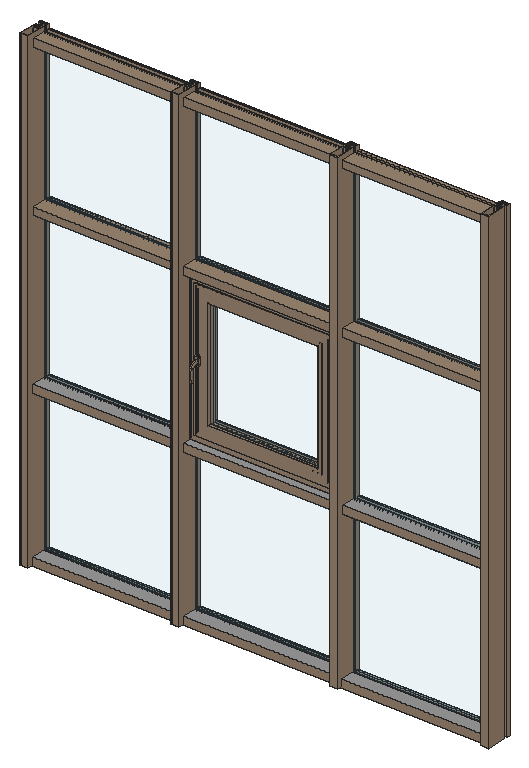
Revit family "2_Витраж со встраиваемым окном_F50", category Двери, Revit 2019
Family settings
  Основа = Стена
  Номер OmniClass = 23.30.20.17.11
  Заголовок OmniClass = Fixed Windows
  Всегда вертикально = Да
  При загрузке вырезать с полостями = Нет
  Общий = Нет
  Точка расчета площади = Нет
Parameters (values of type "Стоечно-ригельная F50")
  Ширина прав. [instance] = 974.998 mm
  Ширина лев. = 975.00 mm
  Width [instance] = 0.00 mm  # constant formula
  Монтажный зазор.Верх [instance] = 25.00 mm
  Высота окна = 1000.00 mm
  Высота нижней секции = 1000.00 mm
  Высота верхней секции = 943.833 mm
  VIDNAL_Ширина створки = 1000.00 mm
  VIDNAL_Ширина проема [instance] = 3000.00 mm
  VIDNAL_Цвет конструкции = ""
  VIDNAL_Фурнитура [instance] = ""
  VIDNAL_Формула стеклопакета [instance] = ""
  VIDNAL_Толщина стеклопакета [instance] = "24"  # constant formula
  VIDNAL_Сопротивление ветровой нагрузке = ""
  VIDNAL_Система профилей [instance] = "F50"  # constant formula
  VIDNAL_Площадь изделия [instance] = VIDNAL_Высота проема * VIDNAL_Ширина проема  # 9.00 m²
  VIDNAL_Звукоизоляция [instance] = ""
  VIDNAL_Глубина вставки [instance] = 200.00 mm
  VIDNAL_Высота проема [instance] = 3000.00 mm
  Rough Width = 0.00 mm  # constant formula
  Rough Height = 0.00 mm  # constant formula
  Описание = "Окно"
  Обозначение = "ГОСТ 23747-2015"
  Наименование = ""
  Монтажный зазор.Правый [instance] = 25.00 mm
  Монтажный зазор.Левый [instance] = 25.002 mm
  Марка проема [instance] = ""
  Model = ""
  Стекло = АС_Стекло
  Рама = Aluminum
  Type Comments = ""
  Assembly Code = ""
  Wall Closure = (empty or 0)
  Height [instance] = 0.00 mm  # constant formula
  Аналитическая конструкция = "<Нет>"
  VIDNAL_Возухопроницаемость [instance] = ""
  VIDNAL_Водонепроницаемость [instance] = ""
  VIDNAL_Rприв. профиля со стеклопакетом [instance] = ""
  ADSK_Позиция [instance] = ""
  ADSK_Завод-изготовитель [instance] = "VIDNAL"  # constant formula
Reference planes
  plane 1 "Глубина профиля": y = -152.984
  plane 2: z = 0
  plane 3 "Слева": x = -1260.6
  plane 4 "Справа": x = 1739.4
  plane 5 "низ рамы": z = 0
  plane 6 "ВЕРХ": z = 3000
  plane 7 "Внутренняя": y = -187
  plane 8 "рама верх": z = 1989.5
  plane 9 "стойка1": x = -1235.598
  plane 10 "стойка2": x = -260.598
  plane 11 "стойка3": x = 739.402
  plane 12 "стойка4": x = 1714.4
  plane 13 "Вставка витража": y = 13
  plane 14 "стекло2": x = -272.598
  plane 15 "верх ригеля": z = 2975
  plane 16 "стекло3": x = -1198.598
  plane 17 "стекло верх": z = 2935.5
  plane 18 "ригель2": z = 2000
  plane 19 "стекло сред": z = 2012
  plane 20 "стекло прав": x = 751.402
  plane 21 "стекло прав2": x = 1676.9
  plane 22 "стекло низ": z = 37
  plane 23 "стекло сред2": z = 1010.5
  plane 24 "стекло сред3": z = 988
  plane 25 "ригель 3": z = 1000
  plane 26 "Импост": y = -5
  plane 27 "ось ригеля": z = 25
  plane 28 "Ось ригеля": z = 2950
  plane 29: x = -250.098
  plane 30: x = 728.902
Forms (mm)
  Extrusion 1, void, detail levels medium+fine
    sketch origin (0, 38, 0) x (0, 0, 1) y (-1, 0, 0)
      loop
        line (3000, -1739.4) -> (3000, 1260.6) -> (0, 1260.6) -> (0, -1739.4) -> (3000, -1739.4)
    from -155 to 225
  Sweep 2, solid, material "Aluminum" <- "Рама"
    path origin (0, 13, 0) x (0, 0, -1) y (-1, 0, 0)
      loop
        line (0, 1235.598) -> (-3000, 1235.598)
    profile "Стойка_110_F50 : Стойка_110_F50" origin (-1235.598, 13, 1500) x (1, 0, 0) y (0, 1, 0)
      loop
        line (47.802, -65.689) -> (2.202, -65.689) -> (2.202, -159.701) -> (47.802, -159.701) -> (47.802, -65.689)
      loop
        line (27, -22.742) -> (27, -17) -> (23.003, -17) -> (23.003, -22.742) -> (27, -22.742)
      loop
        line (27.002, -33.984) -> (27.002, -24.129) -> (23.002, -24.129) -> (23.002, -33.984) -> (27.002, -33.984)
      loop
        line (27.002, -54.258) -> (27.002, -35.261) -> (23.002, -35.261) -> (23.002, -54.258) -> (27.002, -54.258)
      loop
        line (28.302, -63.458) -> (28.302, -55.984) -> (21.702, -55.984) -> (21.702, -63.458) -> (28.302, -63.458)
      loop
        line (2.15, -12) -> (2.15, -15) -> (11.1, -15) -> (11.1, -12) -> (2.15, -12)
      loop
        line (38.9, -12) -> (38.9, -15) -> (47.85, -15) -> (47.85, -12) -> (38.9, -12)
      loop
        line (36.9, -13) -> (36.9, -10) -> (45.838, -10) -> (45.838, -7) -> (49, -7) -> (49, -1.4) -> (1, -1.4) -> (1, -7) -> (4.181, -7) -> (4.181, -10) -> (13.1, -10) -> (13.1, -13) -> (36.9, -13)
      loop
        line (50, 0) -> (0, 0) -> (0, -17.984) -> (12.999, -17.984) -> (12.999, -16.984) -> (14.683, -16.984) -> (14.683, -15) -> (20, -15) -> (20, -63.484) -> (2.202, -63.484) -> (2.202, -58.984) -> (9.709, -58.984) -> (11.764, -56.825) -> (11.764, -53.006) -> (12.992, -53.006) -> (12.992, -41.959) -> (0.002, -41.959) -> (0.002, -53.006) -> (0.002, -162.984) -> (49.952, -162.984) -> (49.952, -53.065) -> (49.952, -41.967) -> (37.007, -41.967) -> (37.007, -53.065) -> (38.202, -53.065) -> (38.202, -56.832) -> (40.295, -58.984) -> (47.802, -58.984) -> (47.802, -63.458) -> (30, -63.458) -> (30, -15) -> (35.317, -15) -> (35.317, -16.99) -> (37.002, -16.99) -> (37.002, -18) -> (50, -18) -> (50, 0)
  Sweep 3, solid, material "Aluminum" <- "Рама"
    path origin (0, 13, 0) x (0, 0, -1) y (-1, 0, 0)
      loop
        line (0, 260.598) -> (-3000, 260.598)
    profile "Стойка_110_F50 : Стойка_110_F50" origin (-260.598, 13, 1500) x (1, 0, 0) y (0, 1, 0)
      loop
        line (22.802, -65.689) -> (-22.798, -65.689) -> (-22.798, -159.701) -> (22.802, -159.701) -> (22.802, -65.689)
      loop
        line (2, -22.742) -> (2, -17) -> (-1.997, -17) -> (-1.997, -22.742) -> (2, -22.742)
      loop
        line (2.002, -33.984) -> (2.002, -24.129) -> (-1.998, -24.129) -> (-1.998, -33.984) -> (2.002, -33.984)
      loop
        line (2.002, -54.258) -> (2.002, -35.261) -> (-1.998, -35.261) -> (-1.998, -54.258) -> (2.002, -54.258)
      loop
        line (3.302, -63.458) -> (3.302, -55.984) -> (-3.298, -55.984) -> (-3.298, -63.458) -> (3.302, -63.458)
      loop
        line (-22.85, -12) -> (-22.85, -15) -> (-13.9, -15) -> (-13.9, -12) -> (-22.85, -12)
      loop
        line (13.9, -12) -> (13.9, -15) -> (22.85, -15) -> (22.85, -12) -> (13.9, -12)
      loop
        line (11.9, -13) -> (11.9, -10) -> (20.838, -10) -> (20.838, -7) -> (24, -7) -> (24, -1.4) -> (-24, -1.4) -> (-24, -7) -> (-20.819, -7) -> (-20.819, -10) -> (-11.9, -10) -> (-11.9, -13) -> (11.9, -13)
      loop
        line (25, 0) -> (-25, 0) -> (-25, -17.984) -> (-12.001, -17.984) -> (-12.001, -16.984) -> (-10.317, -16.984) -> (-10.317, -15) -> (-5, -15) -> (-5, -63.484) -> (-22.798, -63.484) -> (-22.798, -58.984) -> (-15.291, -58.984) -> (-13.236, -56.825) -> (-13.236, -53.006) -> (-12.008, -53.006) -> (-12.008, -41.959) -> (-24.998, -41.959) -> (-24.998, -53.006) -> (-24.998, -162.984) -> (24.952, -162.984) -> (24.952, -53.065) -> (24.952, -41.967) -> (12.007, -41.967) -> (12.007, -53.065) -> (13.202, -53.065) -> (13.202, -56.832) -> (15.295, -58.984) -> (22.802, -58.984) -> (22.802, -63.458) -> (5, -63.458) -> (5, -15) -> (10.317, -15) -> (10.317, -16.99) -> (12.002, -16.99) -> (12.002, -18) -> (25, -18) -> (25, 0)
  Sweep 4, solid, material "Aluminum" <- "Рама"
    path origin (0, 13, 0) x (0, 0, -1) y (-1, 0, 0)
      loop
        line (-2975, 1185.646) -> (-2975, 285.596)
    profile "Ригель_86_F50 : Ригель_86_F50" origin (-735.621, 13, 2975) x (0, 0, -1) y (0, 1, 0)
      loop
        line (10.999, -40.802) -> (1.81, -40.802) -> (1.81, -48) -> (10.999, -48) -> (10.999, -40.802)
      loop
        line (48.199, -40.802) -> (39.01, -40.802) -> (39.01, -48) -> (48.199, -48) -> (48.199, -40.802)
      loop
        line (48.199, -128.4) -> (48.199, -49.673) -> (1.788, -49.673) -> (1.788, -128.4) -> (48.199, -128.4)
      loop
        line (28.5, -21.077) -> (28.5, -14) -> (21.5, -14) -> (21.5, -21.077) -> (28.5, -21.077)
      loop
        line (28.5, -31.01) -> (28.5, -22.563) -> (21.5, -22.563) -> (21.5, -31.01) -> (28.5, -31.01)
      loop
        line (27, -48) -> (27, -33.139) -> (23.02, -33.139) -> (23.02, -48) -> (27, -48)
      loop
        line (2.15, -9) -> (2.15, -12) -> (11.1, -12) -> (11.1, -9) -> (2.15, -9)
      loop
        line (38.9, -9) -> (38.9, -12) -> (47.85, -12) -> (47.85, -9) -> (38.9, -9)
      loop
        line (36.9, -10) -> (36.9, -7) -> (45.819, -7) -> (45.838, -4) -> (49, -4) -> (49, -1.4) -> (1, -1.4) -> (1, -4) -> (4.181, -4) -> (4.181, -7) -> (13.1, -7) -> (13.1, -10) -> (36.9, -10)
      loop
        line (20, -12) -> (20, -48) -> (12.8, -48) -> (12.8, -39) -> (0.024, -39) -> (0.024, -130) -> (50, -130) -> (50, -39) -> (37.2, -39) -> (37.2, -48) -> (29.9, -48) -> (29.9, -12) -> (35.317, -12) -> (35.317, -13.99) -> (37.002, -13.99) -> (37.002, -15) -> (50, -15) -> (50, 0) -> (0, 0) -> (0, -14.984) -> (12.999, -14.984) -> (12.999, -13.984) -> (14.683, -13.984) -> (14.683, -12) -> (20, -12)
  Sweep 5, solid, material "Алюминий"
    path origin (0, 10, 0) x (0, 0, -1) y (-1, 0, 0)
      loop
        line (-1000, 1186.098) -> (-1000, 285.098)
    profile "Ригель_86_F50 : Ригель_86_F50" origin (-735.598, 10, 1000) x (0, 0, -1) y (0, 1, 0)
      loop
        line (-14.001, -40.802) -> (-23.19, -40.802) -> (-23.19, -48) -> (-14.001, -48) -> (-14.001, -40.802)
      loop
        line (23.199, -40.802) -> (14.01, -40.802) -> (14.01, -48) -> (23.199, -48) -> (23.199, -40.802)
      loop
        line (23.199, -128.4) -> (23.199, -49.673) -> (-23.212, -49.673) -> (-23.212, -128.4) -> (23.199, -128.4)
      loop
        line (3.5, -21.077) -> (3.5, -14) -> (-3.5, -14) -> (-3.5, -21.077) -> (3.5, -21.077)
      loop
        line (3.5, -31.01) -> (3.5, -22.563) -> (-3.5, -22.563) -> (-3.5, -31.01) -> (3.5, -31.01)
      loop
        line (2, -48) -> (2, -33.139) -> (-1.98, -33.139) -> (-1.98, -48) -> (2, -48)
      loop
        line (-22.85, -9) -> (-22.85, -12) -> (-13.9, -12) -> (-13.9, -9) -> (-22.85, -9)
      loop
        line (13.9, -9) -> (13.9, -12) -> (22.85, -12) -> (22.85, -9) -> (13.9, -9)
      loop
        line (11.9, -10) -> (11.9, -7) -> (20.819, -7) -> (20.838, -4) -> (24, -4) -> (24, -1.4) -> (-24, -1.4) -> (-24, -4) -> (-20.819, -4) -> (-20.819, -7) -> (-11.9, -7) -> (-11.9, -10) -> (11.9, -10)
      loop
        line (-5, -12) -> (-5, -48) -> (-12.2, -48) -> (-12.2, -39) -> (-24.976, -39) -> (-24.976, -130) -> (25, -130) -> (25, -39) -> (12.2, -39) -> (12.2, -48) -> (4.9, -48) -> (4.9, -12) -> (10.317, -12) -> (10.317, -13.99) -> (12.002, -13.99) -> (12.002, -15) -> (25, -15) -> (25, 0) -> (-25, 0) -> (-25, -14.984) -> (-12.001, -14.984) -> (-12.001, -13.984) -> (-10.317, -13.984) -> (-10.317, -12) -> (-5, -12)
  Sweep 6, solid, material "Aluminum" <- "Рама"
    path origin (0.048, 13, 0) x (0, 0, -1) y (-1, 0, 0)
      loop
        line (0, -1714.4) -> (-3000, -1714.4)
    profile "Стойка_110_F50 : Стойка_110_F50" origin (1714.448, 13, 1500) x (1, 0, 0) y (0, 1, 0)
      loop
        line (-2.198, -65.689) -> (-47.798, -65.689) -> (-47.798, -159.701) -> (-2.198, -159.701) -> (-2.198, -65.689)
      loop
        line (-23, -22.742) -> (-23, -17) -> (-26.997, -17) -> (-26.997, -22.742) -> (-23, -22.742)
      loop
        line (-22.998, -33.984) -> (-22.998, -24.129) -> (-26.998, -24.129) -> (-26.998, -33.984) -> (-22.998, -33.984)
      loop
        line (-22.998, -54.258) -> (-22.998, -35.261) -> (-26.998, -35.261) -> (-26.998, -54.258) -> (-22.998, -54.258)
      loop
        line (-21.698, -63.458) -> (-21.698, -55.984) -> (-28.298, -55.984) -> (-28.298, -63.458) -> (-21.698, -63.458)
      loop
        line (-47.85, -12) -> (-47.85, -15) -> (-38.9, -15) -> (-38.9, -12) -> (-47.85, -12)
      loop
        line (-11.1, -12) -> (-11.1, -15) -> (-2.15, -15) -> (-2.15, -12) -> (-11.1, -12)
      loop
        line (-13.1, -13) -> (-13.1, -10) -> (-4.162, -10) -> (-4.162, -7) -> (-1, -7) -> (-1, -1.4) -> (-49, -1.4) -> (-49, -7) -> (-45.819, -7) -> (-45.819, -10) -> (-36.9, -10) -> (-36.9, -13) -> (-13.1, -13)
      loop
        line (0, 0) -> (-50, 0) -> (-50, -17.984) -> (-37.001, -17.984) -> (-37.001, -16.984) -> (-35.317, -16.984) -> (-35.317, -15) -> (-30, -15) -> (-30, -63.484) -> (-47.798, -63.484) -> (-47.798, -58.984) -> (-40.291, -58.984) -> (-38.236, -56.825) -> (-38.236, -53.006) -> (-37.008, -53.006) -> (-37.008, -41.959) -> (-49.998, -41.959) -> (-49.998, -53.006) -> (-49.998, -162.984) -> (-0.048, -162.984) -> (-0.048, -53.065) -> (-0.048, -41.967) -> (-12.993, -41.967) -> (-12.993, -53.065) -> (-11.798, -53.065) -> (-11.798, -56.832) -> (-9.705, -58.984) -> (-2.198, -58.984) -> (-2.198, -63.458) -> (-20, -63.458) -> (-20, -15) -> (-14.683, -15) -> (-14.683, -16.99) -> (-12.998, -16.99) -> (-12.998, -18) -> (0, -18) -> (0, 0)
  Extrusion 7, solid, material "АС_Стекло"
    sketch origin (0, -5, 0) x (0, 0, 1) y (-1, 0, 0)
      loop
        line (1989.5, 1198.598) -> (1010.5, 1198.598) -> (1010.5, 272.598) -> (1989.5, 272.598) -> (1989.5, 1198.598)
    from 0 to 24
  Sweep 8, solid, material "Aluminum" <- "Рама"
    path origin (0, 13, 0) x (0, 0, -1) y (-1, 0, 0)
      loop
        line (0, -739.402) -> (-3000, -739.402)
    profile "Стойка_110_F50 : Стойка_110_F50" origin (739.402, 13, 1500) x (1, 0, 0) y (0, 1, 0)
      loop
        line (22.802, -65.689) -> (-22.798, -65.689) -> (-22.798, -159.701) -> (22.802, -159.701) -> (22.802, -65.689)
      loop
        line (2, -22.742) -> (2, -17) -> (-1.997, -17) -> (-1.997, -22.742) -> (2, -22.742)
      loop
        line (2.002, -33.984) -> (2.002, -24.129) -> (-1.998, -24.129) -> (-1.998, -33.984) -> (2.002, -33.984)
      loop
        line (2.002, -54.258) -> (2.002, -35.261) -> (-1.998, -35.261) -> (-1.998, -54.258) -> (2.002, -54.258)
      loop
        line (3.302, -63.458) -> (3.302, -55.984) -> (-3.298, -55.984) -> (-3.298, -63.458) -> (3.302, -63.458)
      loop
        line (-22.85, -12) -> (-22.85, -15) -> (-13.9, -15) -> (-13.9, -12) -> (-22.85, -12)
      loop
        line (13.9, -12) -> (13.9, -15) -> (22.85, -15) -> (22.85, -12) -> (13.9, -12)
      loop
        line (11.9, -13) -> (11.9, -10) -> (20.838, -10) -> (20.838, -7) -> (24, -7) -> (24, -1.4) -> (-24, -1.4) -> (-24, -7) -> (-20.819, -7) -> (-20.819, -10) -> (-11.9, -10) -> (-11.9, -13) -> (11.9, -13)
      loop
        line (25, 0) -> (-25, 0) -> (-25, -17.984) -> (-12.001, -17.984) -> (-12.001, -16.984) -> (-10.317, -16.984) -> (-10.317, -15) -> (-5, -15) -> (-5, -63.484) -> (-22.798, -63.484) -> (-22.798, -58.984) -> (-15.291, -58.984) -> (-13.236, -56.825) -> (-13.236, -53.006) -> (-12.008, -53.006) -> (-12.008, -41.959) -> (-24.998, -41.959) -> (-24.998, -53.006) -> (-24.998, -162.984) -> (24.952, -162.984) -> (24.952, -53.065) -> (24.952, -41.967) -> (12.007, -41.967) -> (12.007, -53.065) -> (13.202, -53.065) -> (13.202, -56.832) -> (15.295, -58.984) -> (22.802, -58.984) -> (22.802, -63.458) -> (5, -63.458) -> (5, -15) -> (10.317, -15) -> (10.317, -16.99) -> (12.002, -16.99) -> (12.002, -18) -> (25, -18) -> (25, 0)
  Sweep 9, solid, material "Aluminum" <- "Рама"
    path origin (0, 13, 0) x (0, 0, -1) y (-1, 0, 0)
      loop
        line (-2975, 235.646) -> (-2975, -714.404)
    profile "Ригель_86_F50 : Ригель_86_F50" origin (239.379, 13, 2975) x (0, 0, -1) y (0, 1, 0)
      loop
        line (10.999, -40.802) -> (1.81, -40.802) -> (1.81, -48) -> (10.999, -48) -> (10.999, -40.802)
      loop
        line (48.199, -40.802) -> (39.01, -40.802) -> (39.01, -48) -> (48.199, -48) -> (48.199, -40.802)
      loop
        line (48.199, -128.4) -> (48.199, -49.673) -> (1.788, -49.673) -> (1.788, -128.4) -> (48.199, -128.4)
      loop
        line (28.5, -21.077) -> (28.5, -14) -> (21.5, -14) -> (21.5, -21.077) -> (28.5, -21.077)
      loop
        line (28.5, -31.01) -> (28.5, -22.563) -> (21.5, -22.563) -> (21.5, -31.01) -> (28.5, -31.01)
      loop
        line (27, -48) -> (27, -33.139) -> (23.02, -33.139) -> (23.02, -48) -> (27, -48)
      loop
        line (2.15, -9) -> (2.15, -12) -> (11.1, -12) -> (11.1, -9) -> (2.15, -9)
      loop
        line (38.9, -9) -> (38.9, -12) -> (47.85, -12) -> (47.85, -9) -> (38.9, -9)
      loop
        line (36.9, -10) -> (36.9, -7) -> (45.819, -7) -> (45.838, -4) -> (49, -4) -> (49, -1.4) -> (1, -1.4) -> (1, -4) -> (4.181, -4) -> (4.181, -7) -> (13.1, -7) -> (13.1, -10) -> (36.9, -10)
      loop
        line (20, -12) -> (20, -48) -> (12.8, -48) -> (12.8, -39) -> (0.024, -39) -> (0.024, -130) -> (50, -130) -> (50, -39) -> (37.2, -39) -> (37.2, -48) -> (29.9, -48) -> (29.9, -12) -> (35.317, -12) -> (35.317, -13.99) -> (37.002, -13.99) -> (37.002, -15) -> (50, -15) -> (50, 0) -> (0, 0) -> (0, -14.984) -> (12.999, -14.984) -> (12.999, -13.984) -> (14.683, -13.984) -> (14.683, -12) -> (20, -12)
  Sweep 10, solid, material "Aluminum" <- "Рама"
    path origin (0, 13, 0) x (0, 0, -1) y (-1, 0, 0)
      loop
        line (-2975, -764.354) -> (-2975, -1664.45)
    profile "Ригель_86_F50 : Ригель_86_F50" origin (1214.402, 13, 2975) x (0, 0, -1) y (0, 1, 0)
      loop
        line (10.999, -40.802) -> (1.81, -40.802) -> (1.81, -48) -> (10.999, -48) -> (10.999, -40.802)
      loop
        line (48.199, -40.802) -> (39.01, -40.802) -> (39.01, -48) -> (48.199, -48) -> (48.199, -40.802)
      loop
        line (48.199, -128.4) -> (48.199, -49.673) -> (1.788, -49.673) -> (1.788, -128.4) -> (48.199, -128.4)
      loop
        line (28.5, -21.077) -> (28.5, -14) -> (21.5, -14) -> (21.5, -21.077) -> (28.5, -21.077)
      loop
        line (28.5, -31.01) -> (28.5, -22.563) -> (21.5, -22.563) -> (21.5, -31.01) -> (28.5, -31.01)
      loop
        line (27, -48) -> (27, -33.139) -> (23.02, -33.139) -> (23.02, -48) -> (27, -48)
      loop
        line (2.15, -9) -> (2.15, -12) -> (11.1, -12) -> (11.1, -9) -> (2.15, -9)
      loop
        line (38.9, -9) -> (38.9, -12) -> (47.85, -12) -> (47.85, -9) -> (38.9, -9)
      loop
        line (36.9, -10) -> (36.9, -7) -> (45.819, -7) -> (45.838, -4) -> (49, -4) -> (49, -1.4) -> (1, -1.4) -> (1, -4) -> (4.181, -4) -> (4.181, -7) -> (13.1, -7) -> (13.1, -10) -> (36.9, -10)
      loop
        line (20, -12) -> (20, -48) -> (12.8, -48) -> (12.8, -39) -> (0.024, -39) -> (0.024, -130) -> (50, -130) -> (50, -39) -> (37.2, -39) -> (37.2, -48) -> (29.9, -48) -> (29.9, -12) -> (35.317, -12) -> (35.317, -13.99) -> (37.002, -13.99) -> (37.002, -15) -> (50, -15) -> (50, 0) -> (0, 0) -> (0, -14.984) -> (12.999, -14.984) -> (12.999, -13.984) -> (14.683, -13.984) -> (14.683, -12) -> (20, -12)
  Sweep 11, solid, material "Aluminum" <- "Рама"
    path origin (0, 13, 0) x (0, 0, -1) y (-1, 0, 0)
      loop
        line (-2000, 1185.646) -> (-2000, 285.596)
    profile "Ригель_86_F50 : Ригель_86_F50" origin (-735.621, 13, 2000) x (0, 0, -1) y (0, 1, 0)
      loop
        line (-14.001, -40.802) -> (-23.19, -40.802) -> (-23.19, -48) -> (-14.001, -48) -> (-14.001, -40.802)
      loop
        line (23.199, -40.802) -> (14.01, -40.802) -> (14.01, -48) -> (23.199, -48) -> (23.199, -40.802)
      loop
        line (23.199, -128.4) -> (23.199, -49.673) -> (-23.212, -49.673) -> (-23.212, -128.4) -> (23.199, -128.4)
      loop
        line (3.5, -21.077) -> (3.5, -14) -> (-3.5, -14) -> (-3.5, -21.077) -> (3.5, -21.077)
      loop
        line (3.5, -31.01) -> (3.5, -22.563) -> (-3.5, -22.563) -> (-3.5, -31.01) -> (3.5, -31.01)
      loop
        line (2, -48) -> (2, -33.139) -> (-1.98, -33.139) -> (-1.98, -48) -> (2, -48)
      loop
        line (-22.85, -9) -> (-22.85, -12) -> (-13.9, -12) -> (-13.9, -9) -> (-22.85, -9)
      loop
        line (13.9, -9) -> (13.9, -12) -> (22.85, -12) -> (22.85, -9) -> (13.9, -9)
      loop
        line (11.9, -10) -> (11.9, -7) -> (20.819, -7) -> (20.838, -4) -> (24, -4) -> (24, -1.4) -> (-24, -1.4) -> (-24, -4) -> (-20.819, -4) -> (-20.819, -7) -> (-11.9, -7) -> (-11.9, -10) -> (11.9, -10)
      loop
        line (-5, -12) -> (-5, -48) -> (-12.2, -48) -> (-12.2, -39) -> (-24.976, -39) -> (-24.976, -130) -> (25, -130) -> (25, -39) -> (12.2, -39) -> (12.2, -48) -> (4.9, -48) -> (4.9, -12) -> (10.317, -12) -> (10.317, -13.99) -> (12.002, -13.99) -> (12.002, -15) -> (25, -15) -> (25, 0) -> (-25, 0) -> (-25, -14.984) -> (-12.001, -14.984) -> (-12.001, -13.984) -> (-10.317, -13.984) -> (-10.317, -12) -> (-5, -12)
  Sweep 12, solid, material "Aluminum" <- "Рама"
    path origin (0, 13, 0) x (0, 0, -1) y (-1, 0, 0)
      loop
        line (-2000, 235.646) -> (-2000, -714.404)
    profile "Ригель_86_F50 : Ригель_86_F50" origin (239.379, 13, 2000) x (0, 0, -1) y (0, 1, 0)
      loop
        line (-14.001, -40.802) -> (-23.19, -40.802) -> (-23.19, -48) -> (-14.001, -48) -> (-14.001, -40.802)
      loop
        line (23.199, -40.802) -> (14.01, -40.802) -> (14.01, -48) -> (23.199, -48) -> (23.199, -40.802)
      loop
        line (23.199, -128.4) -> (23.199, -49.673) -> (-23.212, -49.673) -> (-23.212, -128.4) -> (23.199, -128.4)
      loop
        line (3.5, -21.077) -> (3.5, -14) -> (-3.5, -14) -> (-3.5, -21.077) -> (3.5, -21.077)
      loop
        line (3.5, -31.01) -> (3.5, -22.563) -> (-3.5, -22.563) -> (-3.5, -31.01) -> (3.5, -31.01)
      loop
        line (2, -48) -> (2, -33.139) -> (-1.98, -33.139) -> (-1.98, -48) -> (2, -48)
      loop
        line (-22.85, -9) -> (-22.85, -12) -> (-13.9, -12) -> (-13.9, -9) -> (-22.85, -9)
      loop
        line (13.9, -9) -> (13.9, -12) -> (22.85, -12) -> (22.85, -9) -> (13.9, -9)
      loop
        line (11.9, -10) -> (11.9, -7) -> (20.819, -7) -> (20.838, -4) -> (24, -4) -> (24, -1.4) -> (-24, -1.4) -> (-24, -4) -> (-20.819, -4) -> (-20.819, -7) -> (-11.9, -7) -> (-11.9, -10) -> (11.9, -10)
      loop
        line (-5, -12) -> (-5, -48) -> (-12.2, -48) -> (-12.2, -39) -> (-24.976, -39) -> (-24.976, -130) -> (25, -130) -> (25, -39) -> (12.2, -39) -> (12.2, -48) -> (4.9, -48) -> (4.9, -12) -> (10.317, -12) -> (10.317, -13.99) -> (12.002, -13.99) -> (12.002, -15) -> (25, -15) -> (25, 0) -> (-25, 0) -> (-25, -14.984) -> (-12.001, -14.984) -> (-12.001, -13.984) -> (-10.317, -13.984) -> (-10.317, -12) -> (-5, -12)
  Sweep 13, solid, material "Aluminum" <- "Рама"
    path origin (0, 13, 0) x (0, 0, -1) y (-1, 0, 0)
      loop
        line (-2000, -764.354) -> (-2000, -1664.45)
    profile "Ригель_86_F50 : Ригель_86_F50" origin (1214.402, 13, 2000) x (0, 0, -1) y (0, 1, 0)
      loop
        line (-14.001, -40.802) -> (-23.19, -40.802) -> (-23.19, -48) -> (-14.001, -48) -> (-14.001, -40.802)
      loop
        line (23.199, -40.802) -> (14.01, -40.802) -> (14.01, -48) -> (23.199, -48) -> (23.199, -40.802)
      loop
        line (23.199, -128.4) -> (23.199, -49.673) -> (-23.212, -49.673) -> (-23.212, -128.4) -> (23.199, -128.4)
      loop
        line (3.5, -21.077) -> (3.5, -14) -> (-3.5, -14) -> (-3.5, -21.077) -> (3.5, -21.077)
      loop
        line (3.5, -31.01) -> (3.5, -22.563) -> (-3.5, -22.563) -> (-3.5, -31.01) -> (3.5, -31.01)
      loop
        line (2, -48) -> (2, -33.139) -> (-1.98, -33.139) -> (-1.98, -48) -> (2, -48)
      loop
        line (-22.85, -9) -> (-22.85, -12) -> (-13.9, -12) -> (-13.9, -9) -> (-22.85, -9)
      loop
        line (13.9, -9) -> (13.9, -12) -> (22.85, -12) -> (22.85, -9) -> (13.9, -9)
      loop
        line (11.9, -10) -> (11.9, -7) -> (20.819, -7) -> (20.838, -4) -> (24, -4) -> (24, -1.4) -> (-24, -1.4) -> (-24, -4) -> (-20.819, -4) -> (-20.819, -7) -> (-11.9, -7) -> (-11.9, -10) -> (11.9, -10)
      loop
        line (-5, -12) -> (-5, -48) -> (-12.2, -48) -> (-12.2, -39) -> (-24.976, -39) -> (-24.976, -130) -> (25, -130) -> (25, -39) -> (12.2, -39) -> (12.2, -48) -> (4.9, -48) -> (4.9, -12) -> (10.317, -12) -> (10.317, -13.99) -> (12.002, -13.99) -> (12.002, -15) -> (25, -15) -> (25, 0) -> (-25, 0) -> (-25, -14.984) -> (-12.001, -14.984) -> (-12.001, -13.984) -> (-10.317, -13.984) -> (-10.317, -12) -> (-5, -12)
  Extrusion 14, solid, material "АС_Стекло"
    sketch origin (80.2, -5, 1700) x (0, 0, -1) y (-1, 0, 0)
      loop
        line (-1235.5, 1278.798) -> (-1235.5, 352.798) -> (-312, 352.798) -> (-312, 1278.798) -> (-1235.5, 1278.798)
    from 0 to -24
  Extrusion 15, solid, material "АС_Стекло"
    sketch origin (860.2, -5, 1700) x (0, 0, -1) y (-1, 0, 0)
      loop
        line (-1235.5, 1108.798) -> (-1235.5, 132.798) -> (-312, 132.798) -> (-312, 1108.798) -> (-1235.5, 1108.798)
    from 0 to -24
  Extrusion 16, solid, material "АС_Стекло"
    sketch origin (2640.2, -5, 1700) x (0, 0, -1) y (-1, 0, 0)
      loop
        line (-1235.5, 1888.798) -> (-1235.5, 963.3) -> (-312, 963.3) -> (-312, 1888.798) -> (-1235.5, 1888.798)
    from 0 to -24
  Sweep 17, solid, material "Алюминий"
    path origin (0, 13, 0) x (0, 0, -1) y (-1, 0, 0)
      loop
        line (-1000, -764.354) -> (-1000, -1664.45)
    profile "Ригель_86_F50 : Ригель_86_F50" origin (1214.402, 13, 1000) x (0, 0, -1) y (0, 1, 0)
      loop
        line (-14.001, -40.802) -> (-23.19, -40.802) -> (-23.19, -48) -> (-14.001, -48) -> (-14.001, -40.802)
      loop
        line (23.199, -40.802) -> (14.01, -40.802) -> (14.01, -48) -> (23.199, -48) -> (23.199, -40.802)
      loop
        line (23.199, -128.4) -> (23.199, -49.673) -> (-23.212, -49.673) -> (-23.212, -128.4) -> (23.199, -128.4)
      loop
        line (3.5, -21.077) -> (3.5, -14) -> (-3.5, -14) -> (-3.5, -21.077) -> (3.5, -21.077)
      loop
        line (3.5, -31.01) -> (3.5, -22.563) -> (-3.5, -22.563) -> (-3.5, -31.01) -> (3.5, -31.01)
      loop
        line (2, -48) -> (2, -33.139) -> (-1.98, -33.139) -> (-1.98, -48) -> (2, -48)
      loop
        line (-22.85, -9) -> (-22.85, -12) -> (-13.9, -12) -> (-13.9, -9) -> (-22.85, -9)
      loop
        line (13.9, -9) -> (13.9, -12) -> (22.85, -12) -> (22.85, -9) -> (13.9, -9)
      loop
        line (11.9, -10) -> (11.9, -7) -> (20.819, -7) -> (20.838, -4) -> (24, -4) -> (24, -1.4) -> (-24, -1.4) -> (-24, -4) -> (-20.819, -4) -> (-20.819, -7) -> (-11.9, -7) -> (-11.9, -10) -> (11.9, -10)
      loop
        line (-5, -12) -> (-5, -48) -> (-12.2, -48) -> (-12.2, -39) -> (-24.976, -39) -> (-24.976, -130) -> (25, -130) -> (25, -39) -> (12.2, -39) -> (12.2, -48) -> (4.9, -48) -> (4.9, -12) -> (10.317, -12) -> (10.317, -13.99) -> (12.002, -13.99) -> (12.002, -15) -> (25, -15) -> (25, 0) -> (-25, 0) -> (-25, -14.984) -> (-12.001, -14.984) -> (-12.001, -13.984) -> (-10.317, -13.984) -> (-10.317, -12) -> (-5, -12)
  Sweep 18, solid, material "Алюминий"
    path origin (0, 13, 0) x (0, 0, -1) y (-1, 0, 0)
      loop
        line (-1000, 235.646) -> (-1000, -714.404)
    profile "Ригель_86_F50 : Ригель_86_F50" origin (239.379, 13, 1000) x (0, 0, -1) y (0, 1, 0)
      loop
        line (-14.001, -40.802) -> (-23.19, -40.802) -> (-23.19, -48) -> (-14.001, -48) -> (-14.001, -40.802)
      loop
        line (23.199, -40.802) -> (14.01, -40.802) -> (14.01, -48) -> (23.199, -48) -> (23.199, -40.802)
      loop
        line (23.199, -128.4) -> (23.199, -49.673) -> (-23.212, -49.673) -> (-23.212, -128.4) -> (23.199, -128.4)
      loop
        line (3.5, -21.077) -> (3.5, -14) -> (-3.5, -14) -> (-3.5, -21.077) -> (3.5, -21.077)
      loop
        line (3.5, -31.01) -> (3.5, -22.563) -> (-3.5, -22.563) -> (-3.5, -31.01) -> (3.5, -31.01)
      loop
        line (2, -48) -> (2, -33.139) -> (-1.98, -33.139) -> (-1.98, -48) -> (2, -48)
      loop
        line (-22.85, -9) -> (-22.85, -12) -> (-13.9, -12) -> (-13.9, -9) -> (-22.85, -9)
      loop
        line (13.9, -9) -> (13.9, -12) -> (22.85, -12) -> (22.85, -9) -> (13.9, -9)
      loop
        line (11.9, -10) -> (11.9, -7) -> (20.819, -7) -> (20.838, -4) -> (24, -4) -> (24, -1.4) -> (-24, -1.4) -> (-24, -4) -> (-20.819, -4) -> (-20.819, -7) -> (-11.9, -7) -> (-11.9, -10) -> (11.9, -10)
      loop
        line (-5, -12) -> (-5, -48) -> (-12.2, -48) -> (-12.2, -39) -> (-24.976, -39) -> (-24.976, -130) -> (25, -130) -> (25, -39) -> (12.2, -39) -> (12.2, -48) -> (4.9, -48) -> (4.9, -12) -> (10.317, -12) -> (10.317, -13.99) -> (12.002, -13.99) -> (12.002, -15) -> (25, -15) -> (25, 0) -> (-25, 0) -> (-25, -14.984) -> (-12.001, -14.984) -> (-12.001, -13.984) -> (-10.317, -13.984) -> (-10.317, -12) -> (-5, -12)
  Sweep 19, solid, material "Алюминий"
    path origin (0, 10, -1044) x (0, 0, -1) y (-1, 0, 0)
      loop
        line (-1094, 1185.646) -> (-1094, 285.596)
    profile "Ригель_86_F50 : Ригель_86_F50" origin (-735.621, 10, 50) x (0, 0, -1) y (0, 1, 0)
      loop
        line (10.999, -40.802) -> (1.81, -40.802) -> (1.81, -48) -> (10.999, -48) -> (10.999, -40.802)
      loop
        line (48.199, -40.802) -> (39.01, -40.802) -> (39.01, -48) -> (48.199, -48) -> (48.199, -40.802)
      loop
        line (48.199, -128.4) -> (48.199, -49.673) -> (1.788, -49.673) -> (1.788, -128.4) -> (48.199, -128.4)
      loop
        line (28.5, -21.077) -> (28.5, -14) -> (21.5, -14) -> (21.5, -21.077) -> (28.5, -21.077)
      loop
        line (28.5, -31.01) -> (28.5, -22.563) -> (21.5, -22.563) -> (21.5, -31.01) -> (28.5, -31.01)
      loop
        line (27, -48) -> (27, -33.139) -> (23.02, -33.139) -> (23.02, -48) -> (27, -48)
      loop
        line (2.15, -9) -> (2.15, -12) -> (11.1, -12) -> (11.1, -9) -> (2.15, -9)
      loop
        line (38.9, -9) -> (38.9, -12) -> (47.85, -12) -> (47.85, -9) -> (38.9, -9)
      loop
        line (36.9, -10) -> (36.9, -7) -> (45.819, -7) -> (45.838, -4) -> (49, -4) -> (49, -1.4) -> (1, -1.4) -> (1, -4) -> (4.181, -4) -> (4.181, -7) -> (13.1, -7) -> (13.1, -10) -> (36.9, -10)
      loop
        line (20, -12) -> (20, -48) -> (12.8, -48) -> (12.8, -39) -> (0.024, -39) -> (0.024, -130) -> (50, -130) -> (50, -39) -> (37.2, -39) -> (37.2, -48) -> (29.9, -48) -> (29.9, -12) -> (35.317, -12) -> (35.317, -13.99) -> (37.002, -13.99) -> (37.002, -15) -> (50, -15) -> (50, 0) -> (0, 0) -> (0, -14.984) -> (12.999, -14.984) -> (12.999, -13.984) -> (14.683, -13.984) -> (14.683, -12) -> (20, -12)
  Sweep 20, solid, material "Алюминий"
    path origin (-1524, 3, 0.5) x (-1, 0, 0) y (0, 0, 1)
      loop
        line (-2287.902, 49.5) -> (-3188.4, 49.5)
    profile "Ригель_86_F50 : Ригель_86_F50" origin (1214.151, 3, 50) x (0, 0, -1) y (0, 1, 0)
      loop
        line (10.999, -40.802) -> (1.81, -40.802) -> (1.81, -48) -> (10.999, -48) -> (10.999, -40.802)
      loop
        line (48.199, -40.802) -> (39.01, -40.802) -> (39.01, -48) -> (48.199, -48) -> (48.199, -40.802)
      loop
        line (48.199, -128.4) -> (48.199, -49.673) -> (1.788, -49.673) -> (1.788, -128.4) -> (48.199, -128.4)
      loop
        line (28.5, -21.077) -> (28.5, -14) -> (21.5, -14) -> (21.5, -21.077) -> (28.5, -21.077)
      loop
        line (28.5, -31.01) -> (28.5, -22.563) -> (21.5, -22.563) -> (21.5, -31.01) -> (28.5, -31.01)
      loop
        line (27, -48) -> (27, -33.139) -> (23.02, -33.139) -> (23.02, -48) -> (27, -48)
      loop
        line (2.15, -9) -> (2.15, -12) -> (11.1, -12) -> (11.1, -9) -> (2.15, -9)
      loop
        line (38.9, -9) -> (38.9, -12) -> (47.85, -12) -> (47.85, -9) -> (38.9, -9)
      loop
        line (36.9, -10) -> (36.9, -7) -> (45.819, -7) -> (45.838, -4) -> (49, -4) -> (49, -1.4) -> (1, -1.4) -> (1, -4) -> (4.181, -4) -> (4.181, -7) -> (13.1, -7) -> (13.1, -10) -> (36.9, -10)
      loop
        line (20, -12) -> (20, -48) -> (12.8, -48) -> (12.8, -39) -> (0.024, -39) -> (0.024, -130) -> (50, -130) -> (50, -39) -> (37.2, -39) -> (37.2, -48) -> (29.9, -48) -> (29.9, -12) -> (35.317, -12) -> (35.317, -13.99) -> (37.002, -13.99) -> (37.002, -15) -> (50, -15) -> (50, 0) -> (0, 0) -> (0, -14.984) -> (12.999, -14.984) -> (12.999, -13.984) -> (14.683, -13.984) -> (14.683, -12) -> (20, -12)
  Sweep 21, solid, material "Алюминий"
    path origin (0, 13, 0.5) x (0, 0, -1) y (-1, 0, 0)
      loop
        line (-49.5, 235.598) -> (-49.5, -714.402)
    profile "Ригель_86_F50 : Ригель_86_F50" origin (239.402, 13, 50) x (0, 0, -1) y (0, 1, 0)
      loop
        line (10.999, -40.802) -> (1.81, -40.802) -> (1.81, -48) -> (10.999, -48) -> (10.999, -40.802)
      loop
        line (48.199, -40.802) -> (39.01, -40.802) -> (39.01, -48) -> (48.199, -48) -> (48.199, -40.802)
      loop
        line (48.199, -128.4) -> (48.199, -49.673) -> (1.788, -49.673) -> (1.788, -128.4) -> (48.199, -128.4)
      loop
        line (28.5, -21.077) -> (28.5, -14) -> (21.5, -14) -> (21.5, -21.077) -> (28.5, -21.077)
      loop
        line (28.5, -31.01) -> (28.5, -22.563) -> (21.5, -22.563) -> (21.5, -31.01) -> (28.5, -31.01)
      loop
        line (27, -48) -> (27, -33.139) -> (23.02, -33.139) -> (23.02, -48) -> (27, -48)
      loop
        line (2.15, -9) -> (2.15, -12) -> (11.1, -12) -> (11.1, -9) -> (2.15, -9)
      loop
        line (38.9, -9) -> (38.9, -12) -> (47.85, -12) -> (47.85, -9) -> (38.9, -9)
      loop
        line (36.9, -10) -> (36.9, -7) -> (45.819, -7) -> (45.838, -4) -> (49, -4) -> (49, -1.4) -> (1, -1.4) -> (1, -4) -> (4.181, -4) -> (4.181, -7) -> (13.1, -7) -> (13.1, -10) -> (36.9, -10)
      loop
        line (20, -12) -> (20, -48) -> (12.8, -48) -> (12.8, -39) -> (0.024, -39) -> (0.024, -130) -> (50, -130) -> (50, -39) -> (37.2, -39) -> (37.2, -48) -> (29.9, -48) -> (29.9, -12) -> (35.317, -12) -> (35.317, -13.99) -> (37.002, -13.99) -> (37.002, -15) -> (50, -15) -> (50, 0) -> (0, 0) -> (0, -14.984) -> (12.999, -14.984) -> (12.999, -13.984) -> (14.683, -13.984) -> (14.683, -12) -> (20, -12)
  Extrusion 22, solid, material "АС_Стекло" <- "Стекло"
    sketch origin (0, -5, 0) x (0, 0, -1) y (-1, 0, 0)
      loop
        line (-988, 1198.598) -> (-988, 272.598) -> (-37, 272.598) -> (-37, 1198.598) -> (-988, 1198.598)
    from 0 to -24
  Extrusion 23, solid, material "АС_Стекло" <- "Стекло"
    sketch origin (2100, -5, 0) x (0, 0, -1) y (-1, 0, 0)
      loop
        line (-988, 1348.598) -> (-988, 423.1) -> (-37, 423.1) -> (-37, 1348.598) -> (-988, 1348.598)
    from 0 to -24
  Extrusion 24, solid, material "АС_Стекло" <- "Стекло"
    sketch origin (1160, -5, 0) x (0, 0, -1) y (-1, 0, 0)
      loop
        line (-988, 1408.598) -> (-988, 432.598) -> (-37, 432.598) -> (-37, 1408.598) -> (-988, 1408.598)
    from 0 to -24
  Extrusion 25, solid
    sketch origin (0, -5, 0) x (0, 0, 1) y (-1, 0, 0)
      loop
        line (1989.5, -751.402) -> (1010.5, -751.402) -> (1010.5, -1676.9) -> (1989.5, -1676.9) -> (1989.5, -751.402)
    from 0 to 24
  Sweep 26, solid
    path origin (-1.5, -5, 0.001) x (0, 0, 1) y (-1, 0, 0)
      loop
        line (1975.499, 234.598) -> (1024.5, 234.598) -> (1024.5, -716.402) -> (1975.499, -716.402) -> (1975.499, 234.598)
    profile "Профиль импоста V72_122-202 : Профиль импоста V72_122-202" origin (239.402, -5, 1975.5) x (0, 0, 1) y (0, -1, 0)
      loop
        line (-14.75, 10) -> (-14.75, 48) -> (-45.25, 48) -> (-45.25, 10) -> (-14.75, 10)
      loop
        line (-14.75, 49.75) -> (-14.75, 70.25) -> (-45.25, 70.25) -> (-45.25, 49.75) -> (-14.75, 49.75)
      loop
        line (-14.75, 1.75) -> (-14.75, 8.25) -> (-45.25, 8.25) -> (-45.25, 1.75) -> (-14.75, 1.75)
      loop
        line (14, 0) -> (14, 4.2) -> (5.5, 4.2) -> (5.5, 1.5) -> (-13, 1.5) -> (-13, 8.5) -> (-10, 8.5) -> (-10, 7.5) -> (-8, 7.5) -> (-8, 11.5) -> (-10, 11.5) -> (-10, 10) -> (-13, 10) -> (-13, 14.231) -> (-9.5, 14.231) -> (-9.5, 18.313) -> (-11.5, 18.313) -> (-11.5, 16.063) -> (-13, 16.063) -> (-13, 33.174) -> (-11.5, 33.174) -> (-11.5, 30.924) -> (-9.5, 30.924) -> (-9.5, 35.006) -> (-13, 35.006) -> (-13, 50.25) -> (-10, 50.25) -> (-10, 48) -> (-8, 48) -> (-8, 54.8) -> (-10, 54.8) -> (-10, 52.31) -> (-13, 52.31) -> (-13, 70.25) -> (-10, 70.25) -> (-10, 66.8) -> (-8, 66.8) -> (-8, 72) -> (-52, 72) -> (-52, 66.8) -> (-50, 66.8) -> (-50, 70.25) -> (-47, 70.25) -> (-47, 52.31) -> (-50, 52.31) -> (-50, 54.8) -> (-52, 54.8) -> (-52, 48) -> (-50, 48) -> (-50, 50.25) -> (-47, 50.25) -> (-47, 35.006) -> (-50.5, 35.006) -> (-50.5, 30.924) -> (-48.5, 30.924) -> (-48.5, 33.174) -> (-47, 33.174) -> (-47, 16.063) -> (-48.5, 16.063) -> (-48.5, 18.313) -> (-50.5, 18.313) -> (-50.5, 14.231) -> (-47, 14.231) -> (-47, 10) -> (-50, 10) -> (-50, 11.5) -> (-52, 11.5) -> (-52, 7.5) -> (-50, 7.5) -> (-50, 8.5) -> (-47, 8.5) -> (-47, 1.5) -> (-65.5, 1.5) -> (-65.5, 4.2) -> (-74, 4.2) -> (-74, 0) -> (14, 0)
Lines and regions (mm)
  symbolic lines, detail levels fine
    curve 1: line (-163.1, -2, 0) -> (-163.1, -152.984, 0)
    curve 4: line (-163.1, -2, 3000) -> (-163.1, -152.984, 3000)
  symbolic lines
    curve 2: line (-163.1, -2, 1048.5) -> (-163.1, -2, 0)
    curve 3: line (-163.1, -152.984, 0) -> (-163.1, -152.984, 1048.5)
    curve 5: line (-163.1, -2, 1989.5) -> (-163.1, -2, 3000)
    curve 6: line (-163.1, -152.984, 3000) -> (-163.1, -152.984, 1989.5)
  symbolic lines, detail levels coarse
    curve 7: line (1739.4, -2, 3000) -> (1739.4, -2, 0)
    curve 8: line (1739.4, -152.984, 3000) -> (1739.4, -152.984, 0)
  reference lines
    curve 9: line (714.404, -5, 1976.545) -> (714.404, -5, 1021.212)
    curve 10: line (714.404, -5, 1021.212) -> (-242.263, -5, 1021.212)
    curve 11: line (-242.263, -5, 1021.212) -> (-242.263, -5, 1976.545)
    curve 12: line (-242.263, -5, 1976.545) -> (714.404, -5, 1976.545)
Text (mm)
  text "Наружный" at (-2011.448, 646.123, 0), in view "Линия этажа"
  text "Внутренний" at (-2011.448, -562.523, 0), in view "Линия этажа"
  text "Наружный" at (0, 1108.87, 3415.022), in view "Слева"
  text "Наружный" at (0, 464.664, 3176.206), in view "Справа"
Dimensions and locks
  plane 3 "Слева" to plane 4 "Справа" = 3000.00 mm
  plane 5 "низ рамы" to plane 5 "низ рамы" = 0.00 mm
  "VIDNAL_Глубина вставки": plane 13 "Вставка витража" to plane 7 "Внутренняя"
  "Монтажный зазор.Левый": plane 3 "Слева" to plane 9 "стойка1"
  "Монтажный зазор.Верх": plane 6 "ВЕРХ" to plane 15 "верх ригеля"
  "VIDNAL_Высота проема": plane 6 "ВЕРХ" to plane 2
  "VIDNAL_Ширина проема": plane 3 "Слева" to plane 4 "Справа"
  "Монтажный зазор.Правый": plane 12 "стойка4" to plane 4 "Справа"
  locked: plane 18 "ригель2" to plane 8 "рама верх" at 10.5
  locked: plane 19 "стекло сред" to plane 18 "ригель2" at 12
  plane 23 "стекло сред2" to plane 25 "ригель 3" = 10.50 mm  (x4)
  locked: plane 25 "ригель 3" to plane 24 "стекло сред3" at 12
  locked: plane 20 "стекло прав" to plane 11 "стойка3" at 12
  locked: plane 10 "стойка2" to plane 14 "стекло2" at 12
  locked: plane 21 "стекло прав2" to plane 12 "стойка4" at 37.5
  locked: plane 9 "стойка1" to plane 16 "стекло3" at 37
  locked: plane 15 "верх ригеля" to plane 17 "стекло верх" at 39.5
  locked: plane 13 "Вставка витража" to plane 26 "Импост" at 18
  "Высота нижней секции": plane 25 "ригель 3" to plane 5 "низ рамы"
  "Высота окна": plane 18 "ригель2" to plane 25 "ригель 3"
  "Ширина лев.": plane 10 "стойка2" to plane 9 "стойка1"
  "VIDNAL_Ширина створки": plane 11 "стойка3" to plane 10 "стойка2"
  "Ширина прав.": plane 12 "стойка4" to plane 11 "стойка3"
  plane 15 "верх ригеля" to plane 18 "ригель2" = 975.00 mm
  plane 10 "стойка2" to plane 14 "стекло2" = 12.00 mm
  plane 19 "стекло сред" to plane 18 "ригель2" = 12.00 mm  (x2)
  plane 25 "ригель 3" to plane 24 "стекло сред3" = 12.00 mm  (x3)
  plane 27 "ось ригеля" to plane 22 "стекло низ" = 12.00 mm
  plane 18 "ригель2" to plane 8 "рама верх" = 10.50 mm  (x2)
  plane 27 "ось ригеля" to level = 25.00 mm
  plane 15 "верх ригеля" to plane 28 "Ось ригеля" = 25.00 mm
  plane 28 "Ось ригеля" to plane 17 "стекло верх" = 14.50 mm
  plane 15 "верх ригеля" to plane 5 "низ рамы" = 2975.00 mm
  plane 20 "стекло прав" to plane 11 "стойка3" = 12.00 mm
  plane 29 to plane 10 "стойка2" = 10.50 mm  (x2)
  locked: plane 11 "стойка3" to plane 30 at 10.5
  plane 11 "стойка3" to plane 30 = 10.50 mm
  aligned and locked: plane 7 "Внутренняя" to host wall
  aligned and locked: level to plane 2
  aligned and locked: host wall to Extrusion 1  (x2)
  aligned and locked: plane 4 "Справа" to Extrusion 1 sketch curve
  aligned and locked: plane 9 "стойка1" to Sweep 2 sketch curve
  aligned and locked: plane 10 "стойка2" to Sweep 3 sketch curve
  aligned and locked: Sweep 2 sketch curve to plane 6 "ВЕРХ"
  aligned and locked: plane 6 "ВЕРХ" to Sweep 3 sketch curve
  aligned and locked: Extrusion 7 sketch curve to plane 16 "стекло3"
  aligned and locked: plane 14 "стекло2" to Extrusion 7 sketch curve
  aligned and locked: Extrusion 14 sketch curve to plane 17 "стекло верх"
  aligned and locked: Extrusion 14 sketch curve to plane 14 "стекло2"
  aligned and locked: plane 19 "стекло сред" to Extrusion 14 sketch curve
  aligned and locked: plane 16 "стекло3" to Extrusion 14 sketch curve
  aligned and locked: Extrusion 15 sketch curve to plane 17 "стекло верх"
  aligned and locked: plane 19 "стекло сред" to Extrusion 15 sketch curve
  aligned and locked: Extrusion 16 sketch curve to plane 17 "стекло верх"
  aligned and locked: plane 19 "стекло сред" to Extrusion 16 sketch curve
  aligned and locked: plane 20 "стекло прав" to Extrusion 16 sketch curve
  aligned and locked: Extrusion 16 sketch curve to plane 21 "стекло прав2"
  aligned and locked: plane 23 "стекло сред2" to Extrusion 7 sketch curve
  aligned and locked: plane 24 "стекло сред3" to Extrusion 22 sketch curve
  aligned and locked: Extrusion 22 sketch curve to plane 16 "стекло3"
  aligned and locked: Extrusion 22 sketch curve to plane 22 "стекло низ"
  aligned and locked: plane 14 "стекло2" to Extrusion 22 sketch curve
  aligned and locked: plane 20 "стекло прав" to Extrusion 23 sketch curve
  aligned and locked: Extrusion 23 sketch curve to plane 24 "стекло сред3"
  aligned and locked: plane 22 "стекло низ" to Extrusion 23 sketch curve
  aligned and locked: Extrusion 23 sketch curve to plane 21 "стекло прав2"
  aligned and locked: Extrusion 24 sketch curve to plane 24 "стекло сред3"
  aligned and locked: plane 22 "стекло низ" to Extrusion 24 sketch curve
  aligned and locked: Sweep 5 sketch curve to plane 25 "ригель 3"
  aligned and locked: Sweep 18 sketch curve to plane 25 "ригель 3"
  aligned and locked: Sweep 17 sketch curve to plane 25 "ригель 3"
  aligned and locked: Extrusion 7 sketch curve to plane 8 "рама верх"
  aligned and locked: plane 5 "низ рамы" to level
  aligned and locked: Sweep 3 to Sweep 21 sketch curve
  aligned and locked: plane 12 "стойка4" to Sweep 6
  aligned and locked: plane 13 "Вставка витража" to Sweep 8
  aligned and locked: plane 13 "Вставка витража" to Sweep 3
  aligned and locked: plane 13 "Вставка витража" to Sweep 2
  aligned and locked: plane 13 "Вставка витража" to Sweep 6
  aligned and locked: plane 8 "рама верх" to Extrusion 25 sketch curve
  aligned and locked: Extrusion 25 sketch curve to plane 20 "стекло прав"
  aligned and locked: Extrusion 25 sketch curve to plane 23 "стекло сред2"
  aligned and locked: plane 21 "стекло прав2" to Extrusion 25 sketch curve
  aligned and locked: Sweep 3 to Sweep 11 sketch curve
  aligned and locked: Sweep 8 to Sweep 12 sketch curve
  aligned and locked: Sweep 3 to Sweep 12 sketch curve
  aligned and locked: Sweep 3 to Sweep 4 sketch curve
  aligned and locked: Sweep 2 to Sweep 4 sketch curve
  aligned and locked: Sweep 3 to Sweep 9 sketch curve
  aligned and locked: Sweep 8 to Sweep 9 sketch curve
  aligned and locked: Sweep 8 to Sweep 10 sketch curve
  aligned and locked: Sweep 6 to Sweep 10 sketch curve
  aligned and locked: Sweep 8 to Sweep 13 sketch curve
  aligned and locked: Sweep 6 to Sweep 13 sketch curve
  aligned and locked: Sweep 3 to Sweep 18 sketch curve
  aligned and locked: Sweep 8 to Sweep 18 sketch curve
  aligned and locked: Sweep 6 to Sweep 17 sketch curve
  aligned and locked: Sweep 8 to Sweep 17 sketch curve
  aligned and locked: Sweep 3 to Sweep 19 sketch curve
  aligned and locked: Sweep 2 to Sweep 19 sketch curve
  aligned and locked: nested 1 to Sweep 26  (x4)
  aligned and locked: plane 26 "Импост" to nested 1
  aligned and locked: plane 8 "рама верх" to Sweep 26
  aligned and locked: Sweep 21 to level
  aligned and locked: plane 5 "низ рамы" to Sweep 20
  aligned and locked: plane 5 "низ рамы" to Sweep 19
  aligned and locked: Sweep 26 to plane 29
  aligned and locked: plane 30 to Sweep 26
Automatic sketch dimensions
  Extrusion 1 sketch curve to level = 0.00 mm
  Extrusion 1 sketch curve to plane 6 "ВЕРХ" = 0.00 mm
  plane 3 "Слева" to Extrusion 1 sketch curve = 0.00 mm
  curve 4 to plane 1 "Глубина профиля" = 0.00 mm
  curve 1 to level = 0.00 mm
  curve 1 to plane 1 "Глубина профиля" = 0.00 mm
  plane 6 "ВЕРХ" to curve 4 = 0.00 mm
  plane 23 "стекло сред2" to curve 3 = 38.00 mm
  plane 23 "стекло сред2" to curve 2 = 38.00 mm
  curve 7 to level = 0.00 mm
  curve 8 to level = 0.00 mm
  curve 8 to plane 1 "Глубина профиля" = 0.00 mm
  plane 6 "ВЕРХ" to curve 8 = 0.00 mm
  plane 6 "ВЕРХ" to curve 7 = 0.00 mm
  Sweep 2 sketch curve to level = 0.00 mm
  Sweep 3 sketch curve to level = 0.00 mm
  Sweep 4 sketch curve to plane 15 "верх ригеля" = 0.00 mm
  Sweep 5 sketch curve to plane 14 "стекло2" = 12.50 mm
  plane 16 "стекло3" to Sweep 5 sketch curve = 12.50 mm
  Sweep 6 sketch curve to plane 6 "ВЕРХ" = 0.00 mm
  Sweep 6 sketch curve to level = 0.00 mm
  plane 12 "стойка4" to Sweep 6 sketch curve = 0.048 mm
  Sweep 8 sketch curve to plane 6 "ВЕРХ" = 0.00 mm
  Sweep 8 sketch curve to level = 0.00 mm
  Sweep 8 sketch curve to plane 11 "стойка3" = 0.00 mm
  Sweep 9 sketch curve to plane 15 "верх ригеля" = 0.00 mm
  Sweep 10 sketch curve to plane 15 "верх ригеля" = 0.00 mm
  Sweep 12 sketch curve to plane 18 "ригель2" = 0.00 mm
  Sweep 13 sketch curve to plane 18 "ригель2" = 0.00 mm
  plane 22 "стекло низ" to Sweep 19 sketch curve = 13.00 mm
  Sweep 11 sketch curve to plane 18 "ригель2" = 0.00 mm
  plane 16 "стекло3" to Sweep 11 sketch curve = 12.952 mm
  curve 6 to plane 8 "рама верх" = 0.00 mm
  curve 5 to plane 8 "рама верх" = 0.00 mm
  plane 23 "стекло сред2" to curve 11 = 10.712 mm
  curve 11 to plane 8 "рама верх" = 12.955 mm
  curve 5 to plane 26 "Импост" = 3.00 mm
  curve 2 to plane 26 "Импост" = 3.00 mm
  curve 7 to plane 26 "Импост" = 3.00 mm
  plane 22 "стекло низ" to Sweep 21 sketch curve = 13.00 mm
  plane 23 "стекло сред2" to Sweep 26 sketch curve = 14.001 mm
  Sweep 26 sketch curve to plane 8 "рама верх" = 14.00 mm
  Sweep 20 sketch curve to plane 21 "стекло прав2" = 12.50 mm
  plane 22 "стекло низ" to Sweep 20 sketch curve = 13.00 mm
  plane 20 "стекло прав" to Sweep 20 sketch curve = 12.50 mm
  plane 10 "стойка2" to Extrusion 15 sketch curve = 12.00 mm
  plane 10 "стойка2" to Extrusion 24 sketch curve = 12.00 mm
  plane 10 "стойка2" to curve 11 = 18.335 mm
  plane 10 "стойка2" to Sweep 26 sketch curve = 24.50 mm
  Extrusion 15 sketch curve to plane 11 "стойка3" = 12.00 mm
  Sweep 21 sketch curve to plane 11 "стойка3" = 25.00 mm
  Extrusion 24 sketch curve to plane 11 "стойка3" = 12.00 mm
  curve 9 to plane 11 "стойка3" = 24.998 mm
  Sweep 26 sketch curve to plane 11 "стойка3" = 24.50 mm
Nested families
  nested 1: "СТВОРКА V72" at (-190.848, -5, 1069.751), type "Поворотно-откидная право"
    with Створка.Ширина 860.50 mm, Створка.Высота 860.499 mm
Definition of nested family "СТВОРКА V72"
  Parameters (values of type "Поворотно-откидная право")
    отк нз = no
    отк лев = no
    отк ввер = yes
    от пр = yes
    Стекло = none
    Створка.Ширина [instance] = 600.00 mm
    Створка.Высота [instance] = 900.00 mm
    Створка VIDNAL = none
    Ручка.Справа = no
    Ручка.Снизу = no
    Ручка.Слева = yes
    Ручка.Сверху = no
    Открытие = not(Глухая)  # yes
    Глухая = no
    Габариты заполнения = 0.00 mm
    Analytic Construction = "<Нет>"
  Types (7, lengths in mm): name | отк нз | отк лев | отк ввер | от пр | Ручка.Справа | Ручка.Снизу | Ручка.Слева | Ручка.Сверху | Открытие | Глухая
    Глухая | no | no | no | no | no | no | no | no | no | yes
    Поворотная право | no | no | no | yes | no | no | yes | no | yes | no
    Поворотная лево | no | yes | no | no | yes | no | no | no | yes | no
    Поворотно-откидная лево | no | yes | yes | no | yes | no | no | no | yes | no
    Поворотно-откидная право | no | no | yes | yes | no | no | yes | no | yes | no
    Фрамуга с нижним откидыванием | yes | no | no | no | no | yes | no | no | yes | no
    Фрамуга с верхним откидыванием | no | no | yes | no | no | no | no | yes | yes | no
  Reference planes
    plane 1 "Center (Front/Back)": y = 0
    plane 2 "Bottom": z = 0
    plane 3 "Left": x = 0
    plane 4 "Right": x = 600
    plane 5 "Top": z = 900
    plane 6: z = 450
    plane 7: x = 300
    plane 8: x = 0
    plane 9: x = 600
    plane 10: y = -17.2
    plane 11: y = -57.2
    plane 12: z = 900
    plane 13: z = 0
    plane 14: y = -81
    plane 15: y = -17.2
  Forms (mm)
    Extrusion 1, solid, material <- "Стекло"
      sketch origin (160, -17.2, 825.5) x (0, 0, -1) y (-1, 0, 0)
        loop
          line (825.5, 160) -> (-74.5, 160) -> (-74.5, -440) -> (825.5, -440) -> (825.5, 160)
      from -40 to 0
    Sweep 2, solid, material <- "Створка VIDNAL", visible <- "Открытие"
      path origin (0, 0, 0) x (1, 0, 0) y (0, 0, 1)
        loop
          line (0, 900) -> (0, 0) -> (600, 0) -> (600, 900) -> (0, 900)
      profile "Профиль створки V72 : Профиль створки V72" origin (300, 0, 900) x (0, 0, 1) y (0, -1, 0)
        loop
          line (-27.1, 14.3) -> (-57.6, 14.3) -> (-57.6, 1.5) -> (-37, 1.5) -> (-37, 7) -> (-27.1, 7) -> (-27.1, 14.3)
        loop
          line (-57.508, 23.909) -> (-57.508, 16) -> (-31.105, 16) -> (-31.105, 23.909) -> (-57.508, 23.909)
        loop
          line (-57.508, 26.549) -> (-31.105, 26.549) -> (-31.105, 36.954) -> (-57.508, 36.954) -> (-57.508, 26.549)
        loop
          line (-57.514, 39.773) -> (-31.105, 39.773) -> (-31.105, 50) -> (-57.514, 50) -> (-57.514, 39.773)
        loop
          line (-56, 79.25) -> (-59, 79.25) -> (-59, 76.151) -> (-62.7, 76.151) -> (-62.7, 79.6) -> (-81.6, 79.6) -> (-81.6, 65.6) -> (-76, 65.6) -> (-66, 63.8) -> (-59, 63.8) -> (-59, 59) -> (-56, 59) -> (-56, 79.25)
        loop
          line (-18.843, 32.487) -> (-29.504, 32.487) -> (-29.504, 24.689) -> (-18.843, 24.689) -> (-18.843, 32.487)
        loop
          line (-18.87, 44.01) -> (-29.504, 44.01) -> (-29.504, 33.802) -> (-18.87, 33.802) -> (-18.87, 44.01)
        loop
          line (-23.75, 79.25) -> (-54.25, 79.25) -> (-54.25, 58.75) -> (-51.75, 58.75) -> (-51.75, 57) -> (-57.75, 57) -> (-57.75, 51.75) -> (-23.75, 51.75) -> (-23.75, 57) -> (-25.75, 57) -> (-25.75, 58.75) -> (-23.75, 58.75) -> (-23.75, 79.25)
        loop
          line (-3.5, 76.8) -> (-3.5, 72) -> (0, 72) -> (0, 76.8) -> (0, 81) -> (-1, 81) -> (-83.302, 81) -> (-83.302, 61.361) -> (-76, 61.21) -> (-76, 64.381) -> (-66.107, 62.5) -> (-61, 62.5) -> (-61, 57) -> (-59.5, 57) -> (-59.5, 1.5) -> (-75, 1.5) -> (-81.5, 8) -> (-81.5, 13.054) -> (-74.5, 13.054) -> (-74.5, 17.2) -> (-83, 17.2) -> (-83, 7) -> (-76, 0) -> (-35.5, 0) -> (-35.5, 5.5) -> (-28, 5.5) -> (-28, 4.195) -> (-21, 4.195) -> (-21, 5.5) -> (-25.5, 5.5) -> (-25.5, 23.5) -> (-17.5, 23.5) -> (-17.5, 45.156) -> (-25.2, 45.156) -> (-25.2, 50) -> (-17.5, 50) -> (-17.5, 54.5) -> (-19, 54.5) -> (-19, 52) -> (-22, 52) -> (-22, 72) -> (-19, 72) -> (-19, 69.5) -> (-17.5, 69.5) -> (-17.5, 74) -> (-22, 74) -> (-22, 79.25) -> (-7, 79.25) -> (-7, 76.8) -> (-3.5, 76.8)
  Lines and regions (mm)
    symbolic lines, visible <- "Глухая"
      curve 1: line (300, 0, 500) -> (300, 0, 400)
      curve 2: line (250, 0, 450) -> (350, 0, 450)
    symbolic lines, visible <- "от пр"
      curve 3: line (583, -75, 883) -> (17, -75, 450)
      curve 4: line (17, -75, 450) -> (583, -75, 17)
    symbolic lines, visible <- "отк лев"
      curve 5: line (17, -75, 17) -> (583, -75, 450)
      curve 6: line (583, -75, 450) -> (17, -75, 883)
    symbolic lines, visible <- "отк ввер"
      curve 7: line (17, -75, 17) -> (300, -75, 883)
      curve 8: line (300, -75, 883) -> (583, -75, 17)
    symbolic lines, visible <- "отк нз"
      curve 9: line (17, -75, 883) -> (300, -75, 17)
      curve 10: line (300, -75, 17) -> (583, -75, 883)
  Dimensions and locks
    "Створка.Ширина": plane 4 "Right" to plane 3 "Left"
    "Створка.Высота": plane 5 "Top" to plane 2 "Bottom"
    equal spacing: plane 3 "Left", curve 1, plane 4 "Right"
    equal spacing: plane 5 "Top", curve 2, plane 2 "Bottom"
    curve 1 to curve 2 to curve 1 = 50.00 mm locked, 50.00 mm locked
    curve 2 to curve 1 to curve 2 = 50.00 mm locked, 50.00 mm locked
    equal spacing: plane 5 "Top", plane 6, plane 2 "Bottom"
    equal spacing: plane 4 "Right", plane 7, plane 3 "Left"
    locked: plane 5 "Top" to nested 1 at 23
    "Габариты заполнения": plane 3 "Left" to plane 8
    "Габариты заполнения": plane 9 to plane 4 "Right"
    "Габариты заполнения": plane 13 to plane 2 "Bottom"
    "Габариты заполнения": plane 5 "Top" to plane 12
    locked: nested 4 to plane 2 "Bottom" at 23
    locked: nested 3 to plane 4 "Right" at 23
    locked: plane 3 "Left" to nested 2 at 23
    plane 15 to Extrusion 1 = 40.00 mm
    aligned and locked: level to plane 2 "Bottom"
    aligned and locked: plane 6 to curve 4
    aligned and locked: plane 6 to curve 6
    aligned and locked: plane 7 to curve 8
    aligned and locked: plane 7 to curve 10
    aligned and locked: plane 3 "Left" to Sweep 2 sketch curve
    aligned and locked: plane 4 "Right" to Sweep 2 sketch curve
    aligned and locked: Extrusion 1 to plane 8
    aligned and locked: Extrusion 1 to plane 10
    aligned and locked: Extrusion 1 to plane 11
    aligned and locked: nested 1 to plane 7
    aligned and locked: plane 9 to Extrusion 1
    aligned and locked: plane 12 to Extrusion 1
    aligned and locked: nested 3 to plane 6
